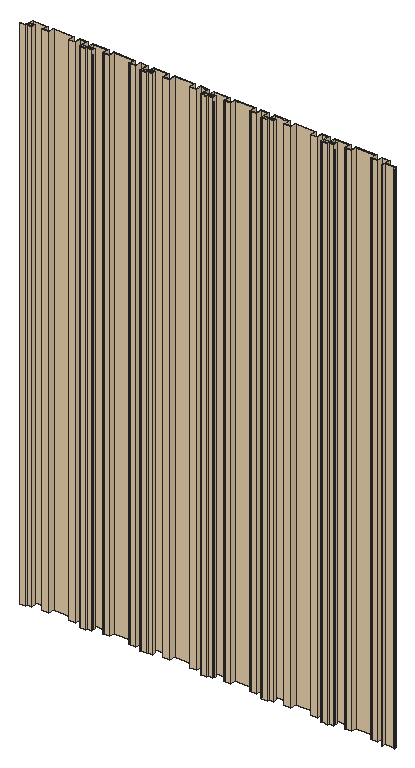
Revit family "UNVERSAL 3S", category Mechanical Equipment, Revit 2017
Family settings
  Round Connector Dimension = Use Diameter
  Part Type = Normal
  Work Plane-Based = No
  Always vertical = Yes
  Cut with Voids When Loaded = No
  Shared = No
  Room Calculation Point = No
Parameters (values of type "Pine")
  Width = 116 mm * Panel Number + 20 mm  # 716 mm
  URL = ""
  Single = Panel Number = 1  # no
  Panel Number = 6
  Array Number = if(Panel Number = 1, 2, Panel Number)  # 6
  Model = "Universal 3S"
  Manufacturer = "gtoaluminum"
  Height = 1000 mm
  Finish = Pine, Scots
  Description = "This profile is ideal for both interior and exterior cladding. It emulates the same width as the Click 40 profiles, but it is fully enclosed and works better for exterior cladding, perfect for backyard walls and doors. It can also be used in living rooms or offices that require a “warmer” look. It comes in different shades of wood and other colors or can be painted in a custom color."
  Bottom Offset = 0 mm
  Array = not(Single)  # yes
Types (8, lengths in mm): name | Width | Panel Number | Array Number | Height | Finish | Bottom Offset
  (no name) | 716 | 6 | 6 | 1000 | Pine, Scots | 0
  Espresso | 252 | 2 | 2 | 3000 | Espresso | 50
  Oak | 252 | 2 | 2 | 3000 | Wood (Oak) | 50
  Pine | 716 | 6 | 6 | 1000 | Pine, Scots | 0
  Gray | 252 | 2 | 2 | 3000 | Gray | 50
  Charcol | 252 | 2 | 2 | 3000 | Charcol | 50
  Matte | 252 | 2 | 2 | 3000 | Matte | 50
  gloss | 252 | 2 | 2 | 3000 | Gloss | 50
Reference planes
  plane 1 "Center (Front/Back)": y = 0
  plane 2: z = 0
  plane 3 "Center (Left/Right)": x = 0
  plane 4: x = 716
Dimensions and locks
  "Width": plane 3 "Center (Left/Right)" to plane 4
  equal spacing: group 1, group 2, group 3, group 4, group 5, group 6  (x3)
  plane 3 "Center (Left/Right)" to nested 2 = 125.3 mm
  aligned and locked: level to plane 2
  aligned and locked: plane 3 "Center (Left/Right)" to nested 1
  aligned and locked: plane 3 "Center (Left/Right)" to nested 6
  aligned and locked: nested 7 to plane 4
Nested families
  nested 1: "profile" at (0, 0, 0), visible <- "Array", type "profile"
    with Height 1000 mm, Bottom Offset 0 mm
  nested 2: "profile" at (116.3, 0, 0), visible <- "Array", type "profile"
    with Height 1000 mm, Bottom Offset 0 mm
  nested 3: "profile" at (232.6, 0, 0), visible <- "Array", type "profile"
    with Height 1000 mm, Bottom Offset 0 mm
  nested 4: "profile" at (348.9, 0, 0), visible <- "Array", type "profile"
    with Height 1000 mm, Bottom Offset 0 mm
  nested 5: "profile" at (465.2, 0, 0), visible <- "Array", type "profile"
    with Height 1000 mm, Bottom Offset 0 mm
  nested 6: "profile" at (0, 0, 0), visible <- "Single", type "profile"
    with Height 1000 mm, Bottom Offset 0 mm
  nested 7: "profile" at (581.5, 0, 0), visible <- "Array", type "profile"
    with Height 1000 mm, Bottom Offset 0 mm
Definition of nested family "profile"
  Parameters (values of type "profile")
    Height = 3000 mm
    Finish = none
    Bottom Offset = 50 mm
  Reference planes
    plane 1 "Center (Front/Back)": y = 0
    plane 2: z = 0
    plane 3 "Center (Left/Right)": x = 0
    plane 4: z = 3000
    plane 5: z = 50
  Forms (mm)
    Extrusion 1, solid, material <- "Finish"
      sketch origin (-100, 1.4, 0) x (1, 0, 0) y (0, 1, 0)
        loop
          line (100, -1.4) -> (110.3, -1.4) -> (110.3, 1.45) -> (119.6, 1.45) -> (119.6, 8.05) -> (110.3, 8.05) -> (110.3, 15.3) -> (137.7, 15.3) -> (137.7, 4.6) -> (150.8, 4.6) -> (150.8, 15.3) -> (188.2, 15.3) -> (188.2, 4.6) -> (201.3, 4.6) -> (201.3, 15.3) -> (213.7, 15.3) -> (213.7, -1.4) -> (215, -1.4) -> (215, 4.6) -> (231.489, 4.6)
          arc (231.489, 4.6) -> (232.016, 4.523) -> (232.5, 4.3) r 1.855
          arc (232.5, 4.3) -> (233.5, 3.491) -> (234.5, 4.3) r 1.023
          line (234.5, 4.3) -> (234.5, 5.1)
          arc (234.5, 5.1) -> (234.266, 5.666) -> (233.7, 5.9) r 0.8
          line (233.7, 5.9) -> (215, 5.9) -> (215, 16.6) -> (200, 16.6) -> (200, 5.9) -> (189.5, 5.9) -> (189.5, 16.6) -> (149.5, 16.6) -> (149.5, 5.9) -> (139, 5.9) -> (139, 16.6) -> (109, 16.6) -> (109, 7.75)
          arc (109, 7.75) -> (109.293, 7.043) -> (110, 6.75) r 1
          line (110, 6.75) -> (118.3, 6.75) -> (118.3, 2.75) -> (110, 2.75)
          arc (110, 2.75) -> (109.293, 2.457) -> (109, 1.75) r 1
          line (109, 1.75) -> (109, -0.1) -> (100, -0.1) -> (100, -1.4)
      from 50 to 3000
  Dimensions and locks
    "Height": plane 4 to plane 2
    "Bottom Offset": plane 5 to level
    aligned and locked: level to plane 2
    aligned and locked: Extrusion 1 to plane 4
    aligned and locked: plane 5 to Extrusion 1
  Automatic sketch dimensions
    Extrusion 1 sketch curve to Extrusion 1 sketch curve = 9 mm
    Extrusion 1 sketch curve to Extrusion 1 sketch curve = 0 mm  (x2)
    Extrusion 1 sketch curve to Extrusion 1 sketch curve = 1 mm  (x2)
    Extrusion 1 sketch curve to Extrusion 1 sketch curve = 0.3 mm  (x4)
    Extrusion 1 sketch curve to Extrusion 1 sketch curve = 8 mm
    Extrusion 1 sketch curve to Extrusion 1 sketch curve = 1.3 mm  (x12)
    Extrusion 1 sketch curve to Extrusion 1 sketch curve = 18.1 mm
    Extrusion 1 sketch curve to Extrusion 1 sketch curve = 10.5 mm  (x2)
    Extrusion 1 sketch curve to Extrusion 1 sketch curve = 37.4 mm
    Extrusion 1 sketch curve to Extrusion 1 sketch curve = 12.4 mm
    Extrusion 1 sketch curve to Extrusion 1 sketch curve = 16.489 mm
    Extrusion 1 sketch curve to Extrusion 1 sketch curve = 2.011 mm
    Extrusion 1 sketch curve to Extrusion 1 sketch curve = 0.2 mm
    Extrusion 1 sketch curve to Extrusion 1 sketch curve = 0.8 mm
    Extrusion 1 sketch curve to plane 1 "Center (Front/Back)" = 0 mm
    Extrusion 1 sketch curve to Extrusion 1 sketch curve = 2.85 mm
    Extrusion 1 sketch curve to plane 1 "Center (Front/Back)" = 4.145 mm
    Extrusion 1 sketch curve to Extrusion 1 sketch curve = 1.555 mm
    Extrusion 1 sketch curve to Extrusion 1 sketch curve = 0.213 mm
    Extrusion 1 sketch curve to Extrusion 1 sketch curve = 3.15 mm
    Extrusion 1 sketch curve to plane 1 "Center (Front/Back)" = 6 mm
    Extrusion 1 sketch curve to Extrusion 1 sketch curve = 1.855 mm
    Extrusion 1 sketch curve to Extrusion 1 sketch curve = 0.587 mm
    Extrusion 1 sketch curve to Extrusion 1 sketch curve = 4 mm
    Extrusion 1 sketch curve to Extrusion 1 sketch curve = 9.4 mm  (x3)
    Extrusion 1 sketch curve to Extrusion 1 sketch curve = 6 mm
    plane 3 "Center (Left/Right)" to Extrusion 1 sketch curve = 0 mm
